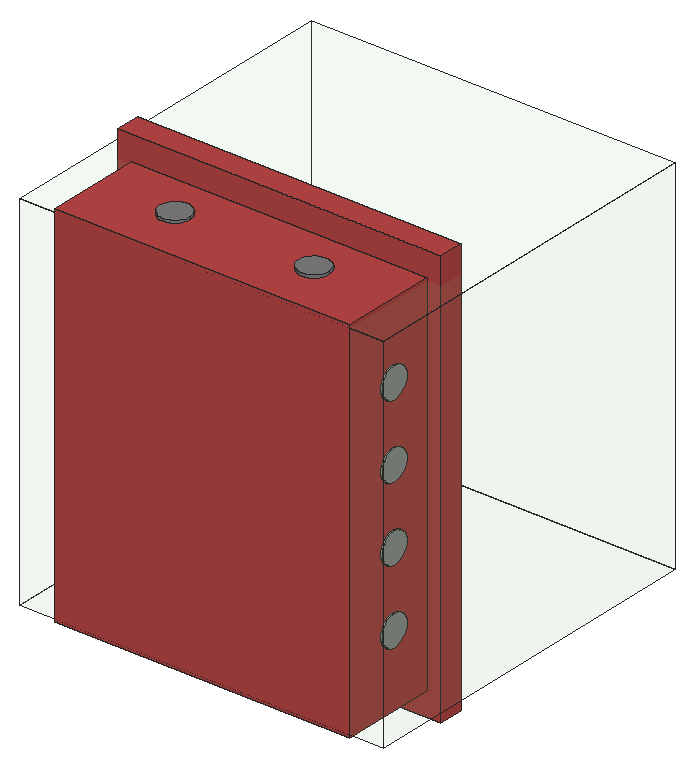
Revit family "ZETA_Коробка_Клемная_КЗНА-48_IP43", category Электрические приборы, Revit 2021
Family settings
  Сохранять ориентацию аннотаций = Нет
  Размер круглого соединителя = Использовать диаметр
  Тип детали = Нормальный
  На основе рабочей плоскости = Да
  Всегда вертикально = Нет
  При загрузке вырезать с полостями = Нет
  Общий = Нет
  Точка принадлежности помещению = Да
Parameters (values of type "КЗНА_48")
  УГО_Ширина = 10 mm
  УГО_Смещение_Х [instance] = 0 mm
  УГО_Смещение_Y [instance] = 0 mm
  УГО_Высота = 5 mm
  Температура эксплуатации = "от -40°С до +60°С"
  Сечение жил до = "4мм2"
  Сертификат = "RU C-RU.АД84.В.00192/20"
  Потолочное размещение [instance] = no
  Default Elevation = 1219.2 mm
  Описание = "Коробки клеммные соединительные КМ43 и КМ65 предназначены для\r\nсоединения и разветвления силовых электрических цепей и цепей КИПиА,\r\nвыполняемых контрольными и силовыми кабелями с алюминиевыми или медными\r\nжилами сечением 1,5-4мм2."
  Номинальный ток = "до 25A"
  Напряжение постоянного тока = "440 В"
  Напряжение переменного тока = "660 В"
  Крышка_Ширина = 160 mm
  Крышка_Длина = 190 mm
  Климатическое исполнение = "У3"
  Изготовитель = "АО «ЗЭТА»"  # constant formula
  Изготавливается по = "ТУ 27.33.13.120-047-99856433-2020"
  URL = "https://nzeta.ru/"
  D4 = 40 mm
  D3 = 20 mm
  D2 = 32 mm
  D1 = 25 mm
  В_УГО_Смещение_У [instance] = УГО_Смещение_Y + 2000 mm  # 2000 mm
  В_УГО_Смещение_X [instance] = УГО_Смещение_Х + 2000 mm  # 2000 mm
  ADSK_Ток = 0 A
  ADSK_Степень защиты_IP = "IP43"
  ADSK_Размер_Ширина = 266 mm
  ADSK_Размер_УголПоворота [instance] = if(Потолочное размещение, -90.00°, 180.00°)  # 180.00°
  ADSK_Размер_Длина = 345 mm
  ADSK_Размер_Высота = 107 mm
  ADSK_Примечание [instance] = ""
  ADSK_Полная мощность = 0 VA
  ADSK_Позиция [instance] = ""
  ADSK_Обозначение = "KK"
  ADSK_Номинальная мощность = 0 W
  ADSK_Номер стояка = ""
  ADSK_Номер линии = 0
  ADSK_Напряжение = 230 V
  ADSK_Наименование краткое = "КЗНА-48"
  ADSK_Наименование = "Коробка с зажимами наборными КЗНА-48 У3 IP43 ГОФРОМАТИК"
  ADSK_Материал наименование = "Сталь оцинкованная"
  ADSK_Масса_Текст = "5,67"
  ADSK_Масса = 5.67
  ADSK_Марка = "KK КЗНА-48 У3 IP43"
  ADSK_Коэффициент мощности = 1
  ADSK_Количество фаз числовое = 1
  ADSK_Количество фаз = 1
  ADSK_Количество = 1
  ADSK_Код изделия = "zeta30313"
  ADSK_Классификация нагрузок = Прочее
  ADSK_Завод-изготовитель = "АО «ЗЭТА»"  # constant formula
  ADSK_Единица измерения = "шт"  # constant formula
  ADSK_Версия семейства = "v.1"  # constant formula
  ADSK_Версия Revit = "2021"
  ADSK_URL страницы изделия = "https://nzeta.ru/catalog/?q=zeta30313"
  ADSK_URL документации изделия = "https://nzeta.ru/upload/uf/f5f/87u25il6p20an3n5qk18xire3ebw13ju/passport.pdf"
Types (2): name
  КЗНА_48
  КЗНА_48_IP43
Reference planes
  plane 1 "По центру (Вперед/Назад)": y = 0
  plane 2: z = 0
  plane 3 "По центру (Влево/Вправо)": x = 0
  plane 4: x = -2000
  plane 5: y = -2000
  plane 6: x = 0
  plane 7: y = 0
Lines and regions (mm)
  reference lines
    curve 1: line (0, 0, 0) -> (0, 0, -180)
    curve 2: line (0, 0, 0) -> (0, 140, 0)
Dimensions and locks
  "В_УГО_Смещение_X": plane 4 to plane 6
  "В_УГО_Смещение_У": plane 7 to plane 5
  angle curve 2 to curve 1 = 90.00°
  "ADSK_Размер_УголПоворота": angle plane 1 "По центру (Вперед/Назад)" to curve 1
  aligned and locked: level to plane 2
  aligned and locked: plane 6 to nested 1
  aligned and locked: nested 1 to plane 7
  aligned and locked: plane 2 to curve 2
  aligned and locked: plane 1 "По центру (Вперед/Назад)" to curve 1
  aligned and locked: nested 2 to curve 2
Nested families
  nested 1: "УГО_Клеменная_Коробка_(GenAnn)" at (0, 0, 0), УГО_Высота <- "УГО_Высота", УГО_Длина <- "УГО_Ширина", ADSK_Обозначение <- "ADSK_Обозначение", ADSK_Степень защиты_IP <- "ADSK_Степень защиты_IP", type "УГО_Клеменная_Коробка_(GenAnn)", detail levels coarse+medium
    with УГО_Длина 10 mm, УГО_Высота 5 mm, ADSK_Степень защиты_IP "IP43", ADSK_Обозначение "KK"
  nested 2: "ZETA_Коробка_Клемная_КЗНА-32_IP43_Геометрия" at (0, 0, 0) x (0, 0, -1) z (0, 1, 0), type "КЗНА-32", detail levels medium+fine
  nested 3: "Zeta_Зона обслуживания" at (0, 0, 0) x (-1, 0, 0) z (0, 0, -1), type "Зона обслуживания_Куб", detail levels medium+fine
    with Зона обслуживания_Ширина 300 mm, Зона обслуживания_Длина 300 mm, Зона обслуживания_Высота 300 mm
Connectors
  cabletrayconduit at (-123.595, 43.588, 91.442), diameter 32, driven by "D2"
    settings: on nested 2, index 2, connector width 300 mm, connector height 300 mm, connector angle 0.00°, system type 32, placement type 0, profile type 0, connector reference index -1, is primary connector yes, connector utility param no, connector description ""
  cabletrayconduit at (-123.595, 43.588, 30.481), diameter 32, driven by "D2"
    settings: on nested 2, index 3, connector width 300 mm, connector height 300 mm, connector angle 0.00°, system type 32, placement type 0, profile type 0, connector reference index -1, is primary connector no, connector utility param no, connector description ""
  cabletrayconduit at (-123.595, 43.588, -30.481), diameter 40, driven by "D4"
    settings: on nested 2, index 4, connector width 300 mm, connector height 300 mm, connector angle 0.00°, system type 32, placement type 0, profile type 0, connector reference index -1, is primary connector no, connector utility param no, connector description ""
  electrical at (0, 0, 0), driven by "ADSK_Количество фаз", driven by "ADSK_Классификация нагрузок", driven by "ADSK_Напряжение", driven by "ADSK_Полная мощность", driven by "ADSK_Коэффициент мощности"
    settings: on nested 2, index 5, voltage 230 V, apparent load 0 VA, apparent load phase1 0 VA, apparent load phase2 0 VA, apparent load phase3 0 VA, power factor 1, load classification "Прочее", number of poles 1, system type 30, power factor state 1, is connector primary yes, connector utility no, sub classification motor no, connector description ""
  cabletrayconduit at (123.524, 43.588, 91.442), diameter 25, driven by "D1"
    settings: on nested 2, index 7, connector width 300 mm, connector height 300 mm, connector angle 0.00°, system type 32, placement type 0, profile type 0, connector reference index -1, is primary connector no, connector utility param no, connector description ""
  cabletrayconduit at (123.524, 43.588, -91.442), diameter 25, driven by "D1"
    settings: on nested 2, index 8, connector width 300 mm, connector height 300 mm, connector angle 0.00°, system type 32, placement type 0, profile type 0, connector reference index -1, is primary connector no, connector utility param no, connector description ""
  cabletrayconduit at (123.524, 43.588, 30.481), diameter 25, driven by "D1"
    settings: on nested 2, index 9, connector width 300 mm, connector height 300 mm, connector angle 0.00°, system type 32, placement type 0, profile type 0, connector reference index -1, is primary connector no, connector utility param no, connector description ""
  cabletrayconduit at (-123.595, 43.588, -91.442), diameter 32, driven by "D2"
    settings: on nested 2, index 11, connector width 300 mm, connector height 300 mm, connector angle 0.00°, system type 32, placement type 0, profile type 0, connector reference index -1, is primary connector no, connector utility param no, connector description ""
  cabletrayconduit at (-57.269, 43.588, -154.404), diameter 25, driven by "D1"
    settings: on nested 2, index 12, connector width 300 mm, connector height 300 mm, connector angle 0.00°, system type 32, placement type 0, profile type 0, connector reference index -1, is primary connector no, connector utility param no, connector description ""
  cabletrayconduit at (57.269, 43.588, -154.404), diameter 25, driven by "D1"
    settings: on nested 2, index 13, connector width 300 mm, connector height 300 mm, connector angle 0.00°, system type 32, placement type 0, profile type 0, connector reference index -1, is primary connector no, connector utility param no, connector description ""
  cabletrayconduit at (123.524, 43.588, -30.481), diameter 25, driven by "D1"
    settings: on nested 2, index 14, connector width 300 mm, connector height 300 mm, connector angle 0.00°, system type 32, placement type 0, profile type 0, connector reference index -1, is primary connector no, connector utility param no, connector description ""
  cabletrayconduit at (57.269, 43.588, 154.404), diameter 25, driven by "D1"
    settings: on nested 2, index 15, connector width 300 mm, connector height 300 mm, connector angle 0.00°, system type 32, placement type 0, profile type 0, connector reference index -1, is primary connector no, connector utility param no, connector description ""
  cabletrayconduit at (-57.269, 43.588, 154.404), diameter 25, driven by "D1"
    settings: on nested 2, index 16, connector width 300 mm, connector height 300 mm, connector angle 0.00°, system type 32, placement type 0, profile type 0, connector reference index -1, is primary connector no, connector utility param no, connector description ""
Definition of nested family "ZETA_Коробка_Клемная_КЗНА-32_IP43_Геометрия"
  Parameters (values of type "КЗНА-32")
    Привязки_Штуцер = 177.786 mm
    Default Elevation = 1219.2 mm
    Основание_Ширина = ADSK_Размер_Ширина * 0.9142  # 243.177 mm
    Основание_Длина = ADSK_Размер_Длина * 0.8835  # 304.808 mm
    Manufacturer = "АО \"ЗЭТАРУС\""
    D4 = 40 mm
    D3 = 20 mm
    D2 = 32 mm
    D1 = 25 mm
    ADSK_Размер_Ширина = 266 mm
    ADSK_Размер_Длина = 345 mm
    ADSK_Размер_Высота = 107 mm
  Reference planes
    plane 1 "По центру (Вперед/Назад)": y = 0
    plane 2: z = 0
    plane 3 "По центру (Влево/Вправо)": x = 0
    plane 4: x = -152.404
    plane 5: x = 152.404
    plane 6: y = -121.589
    plane 7: y = 121.589
    plane 8: x = -172.5
    plane 9: y = -133
    plane 10: x = 172.5
    plane 11: y = 133
    plane 12: z = 107
    plane 13: z = 79.822
    plane 14: y = -57.269
    plane 15: y = 57.269
    plane 16: z = 43.588
    plane 17: y = -123.595
    plane 18: y = 123.524
    plane 19: x = -30.481
    plane 20: x = -91.442
    plane 21: x = 30.481
    plane 22: x = 91.442
    plane 23: x = 154.404
  Forms (mm)
    Extrusion 1, solid
      sketch origin (0, 0, 0) x (1, 0, 0) y (0, 1, 0)
        loop
          line (-152.404, 121.589) -> (-152.404, -121.589) -> (152.404, -121.589) -> (152.404, 121.589) -> (-152.404, 121.589)
      from 0 to 79.822
    Extrusion 2, solid
      sketch origin (0, 0, 0) x (1, 0, 0) y (0, 1, 0)
        loop
          line (-172.5, 133) -> (-172.5, -133) -> (172.5, -133) -> (172.5, 133) -> (-172.5, 133)
      from 100 to 79.822
    Extrusion 3, solid
      sketch origin (0, 0, 0) x (1, 0, 0) y (0, 0, 1)
        loop
          circle (-91.442, 43.588) r 16
      from 121.589 to 123.595
    Extrusion 4, solid
      sketch origin (43.5, 0, 0) x (1, 0, 0) y (0, 0, 1)
        loop
          circle (-73.981, 43.588) r 16
      from 123.595 to 121.589
    Extrusion 5, solid
      sketch origin (117, 0, 0) x (1, 0, 0) y (0, 0, 1)
        loop
          circle (-86.519, 43.588) r 20
      from 123.595 to 121.589
    Extrusion 6, solid
      sketch origin (85.899, 167.006, 14.478) x (1, 0, 0) y (0, 0, 1)
        loop
          circle (-116.38, 29.11) r 12.5
      from 43.482 to 45.417
    Extrusion 7, solid
      sketch origin (26.528, 167.006, 14.478) x (1, 0, 0) y (0, 0, 1)
        loop
          circle (-117.97, 29.11) r 12.5
      from 43.482 to 45.417
    Extrusion 8, solid
      sketch origin (142.642, 206.667, 14.478) x (1, 0, 0) y (0, 0, 1)
        loop
          circle (-112.162, 29.11) r 12.5
      from 85.079 to 83.144
    Extrusion 9, solid
      sketch origin (197.414, 210.537, 14.478) x (1, 0, 0) y (0, 0, 1)
        loop
          circle (-105.972, 29.11) r 12.5
      from 87.014 to 88.949
    Extrusion 10, solid
      sketch origin (177.962, 0, 0) x (1, 0, 0) y (0, 0, 1)
        loop
          circle (-86.519, 43.588) r 16
      from 123.595 to 121.589
    Extrusion 11, solid
      sketch origin (152.404, 121.589, 0) x (0, -1, 0) y (0, 0, -1)
        loop
          circle (178.857, -43.588) r 12.5
      from 0 to 2
    Extrusion 12, solid
      sketch origin (152.404, 236.126, 0) x (0, -1, 0) y (0, 0, -1)
        loop
          circle (178.857, -43.588) r 12.5
      from 0 to 2
    Extrusion 13, solid
      sketch origin (-154.404, 236.126, 0) x (0, -1, 0) y (0, 0, -1)
        loop
          circle (178.857, -43.588) r 12.5
      from 0 to 2
    Extrusion 14, solid
      sketch origin (-154.404, 121.589, 0) x (0, -1, 0) y (0, 0, -1)
        loop
          circle (178.857, -43.588) r 12.5
      from 0 to 2
  Dimensions and locks
    equal spacing: plane 4, plane 3 "По центру (Влево/Вправо)", plane 5
    equal spacing: plane 7, plane 1 "По центру (Вперед/Назад)", plane 6
    "Основание_Ширина": plane 7 to plane 6
    "Основание_Длина": plane 4 to plane 5
    equal spacing: plane 11, plane 1 "По центру (Вперед/Назад)", plane 9
    equal spacing: plane 8, plane 3 "По центру (Влево/Вправо)", plane 10
    "ADSK_Размер_Ширина": plane 11 to plane 9
    "ADSK_Размер_Длина": plane 8 to plane 10
    "ADSK_Размер_Высота": plane 12 to level
    locked: plane 6 to plane 17 at 2.006
    locked: plane 18 to plane 7 at 1.935
    equal spacing: plane 4, plane 20, plane 19, plane 21, plane 22, plane 5
    equal spacing: plane 15, plane 1 "По центру (Вперед/Назад)", plane 14
    plane 5 to plane 23 = 2 mm
    "D2": diameter of Extrusion 3 sketch curve
    "D2": diameter of Extrusion 4 sketch curve
    "D4": diameter of Extrusion 5 sketch curve
    "D1": diameter of Extrusion 6 sketch curve
    "D1": diameter of Extrusion 7 sketch curve
    "D1": diameter of Extrusion 8 sketch curve
    "D1": diameter of Extrusion 9 sketch curve
    "D2": diameter of Extrusion 10 sketch curve
    "D1": diameter of Extrusion 11 sketch curve
    "D1": diameter of Extrusion 12 sketch curve
    "D1": diameter of Extrusion 13 sketch curve
    "D1": diameter of Extrusion 14 sketch curve
    aligned and locked: level to plane 2
    aligned and locked: Extrusion 1 sketch curve to plane 7
    aligned and locked: plane 4 to Extrusion 1 sketch curve
    aligned and locked: plane 6 to Extrusion 1 sketch curve
    aligned and locked: Extrusion 1 sketch curve to plane 5
    aligned and locked: Extrusion 2 sketch curve to plane 11
    aligned and locked: plane 8 to Extrusion 2 sketch curve
    aligned and locked: plane 9 to Extrusion 2 sketch curve
    aligned and locked: Extrusion 2 sketch curve to plane 10
    aligned and locked: Extrusion 2 to plane 13
    aligned and locked: Extrusion 1 to Extrusion 2
    aligned and locked: plane 16 to Extrusion 3 sketch curve
    aligned and locked: plane 6 to Extrusion 3
    aligned and locked: Extrusion 3 to plane 17
    aligned and locked: plane 18 to Extrusion 6
    aligned and locked: Extrusion 6 to plane 7
    aligned and locked: Extrusion 4 to Extrusion 1
    aligned and locked: Extrusion 4 to plane 17
    aligned and locked: Extrusion 5 to Extrusion 1
    aligned and locked: Extrusion 5 to plane 17
    aligned and locked: plane 16 to Extrusion 5 sketch curve
    aligned and locked: plane 16 to Extrusion 6 sketch curve
    aligned and locked: plane 19 to Extrusion 6 sketch curve
    aligned and locked: plane 7 to Extrusion 7
    aligned and locked: plane 18 to Extrusion 7
    aligned and locked: Extrusion 9 to plane 7
    aligned and locked: plane 18 to Extrusion 9
    aligned and locked: plane 22 to Extrusion 9 sketch curve
    aligned and locked: plane 21 to Extrusion 8 sketch curve
    aligned and locked: plane 20 to Extrusion 7 sketch curve
    aligned and locked: plane 20 to Extrusion 3 sketch curve
    aligned and locked: plane 19 to Extrusion 4 sketch curve
    aligned and locked: plane 21 to Extrusion 5 sketch curve
    aligned and locked: plane 22 to Extrusion 10 sketch curve
    aligned and locked: plane 15 to Extrusion 12 sketch curve
    aligned and locked: plane 23 to Extrusion 12
    aligned and locked: plane 23 to Extrusion 11
  Automatic sketch dimensions
    Extrusion 4 sketch curve to plane 16 = 0 mm
    Extrusion 7 sketch curve to plane 16 = 0 mm
    Extrusion 8 sketch curve to plane 16 = 0 mm
    Extrusion 9 sketch curve to plane 16 = 0 mm
    Extrusion 10 sketch curve to plane 16 = 0 mm
    Extrusion 1 to Extrusion 11 sketch curve = 64.32 mm
    Extrusion 1 to Extrusion 11 sketch curve = 36.234 mm
    Extrusion 1 to Extrusion 12 sketch curve = 36.234 mm
    Extrusion 13 sketch curve to plane 15 = 0 mm
    Extrusion 13 sketch curve to plane 16 = 0 mm
    Extrusion 14 sketch curve to plane 14 = 0 mm
    Extrusion 14 sketch curve to plane 16 = 0 mm
Definition of nested family "Zeta_Зона обслуживания"
  Parameters (values of type "Зона обслуживания_Куб")
    Default Elevation = 1219.2 mm
    Зона обслуживания_Ширина [instance] = 300 mm
    Зона обслуживания_Длина [instance] = 300 mm
    Зона обслуживания_Высота [instance] = 300 mm
  Reference planes
    plane 1 "По центру (Вперед/Назад)": y = 0
    plane 2: z = 0
    plane 3 "По центру (Влево/Вправо)": x = 0
    plane 4: x = -150
    plane 5: x = 150
    plane 6: y = 300
    plane 7: z = 150
    plane 8: z = -150
  Forms (mm)
    Extrusion 1, solid
      sketch origin (0, 0, 0) x (1, 0, 0) y (0, 1, 0)
        loop
          line (-150, 300) -> (-150, 0) -> (150, 0) -> (150, 300) -> (-150, 300)
      from -150 to 150
  Dimensions and locks
    equal spacing: plane 4, plane 3 "По центру (Влево/Вправо)", plane 5
    "Зона обслуживания_Ширина": plane 6 to plane 1 "По центру (Вперед/Назад)"
    "Зона обслуживания_Длина": plane 4 to plane 5
    equal spacing: plane 7, level, plane 8
    "Зона обслуживания_Высота": plane 7 to plane 8
    aligned and locked: level to plane 2
    aligned and locked: Extrusion 1 sketch curve to plane 6
    aligned and locked: plane 4 to Extrusion 1 sketch curve
    aligned and locked: Extrusion 1 sketch curve to plane 5
    aligned and locked: Extrusion 1 to plane 8
    aligned and locked: plane 7 to Extrusion 1
    aligned and locked: plane 1 "По центру (Вперед/Назад)" to Extrusion 1
  Automatic sketch dimensions
    plane 1 "По центру (Вперед/Назад)" to Extrusion 1 sketch curve = 0 mm
Definition of nested family "УГО_Клеменная_Коробка_(GenAnn)"
  Parameters (values of type "УГО_Клеменная_Коробка_(GenAnn)")
    УГО_Длина [instance] = 10 mm
    УГО_Высота [instance] = 5 mm
    ADSK_Степень защиты_IP [instance] = ""
    ADSK_Обозначение [instance] = ""
  Reference planes
    plane 1: y = 0
    plane 2: x = 0
  Lines and regions (mm)
    Filled region 1, type "Filled region 1"
      outline origin (0, 0, 0) x (1, 0, 0) y (0, 1, 0)
        loop
          line (-5, 2.5) -> (-5, -2.5) -> (5, -2.5) -> (5, 2.5) -> (-5, 2.5)
    reference lines
      curve 1: line (-5, 2.5, 0) -> (-5, -2.5, 0)
      curve 2: line (-5, -2.5, 0) -> (5, -2.5, 0)
      curve 3: line (5, 2.5, 0) -> (5, -2.5, 0)
      curve 4: line (-5, 2.5, 0) -> (5, 2.5, 0)
  Text (mm)
    label "KK IP 54" at (0.033, -0.03, 0), shows "ADSK_Обозначение", "ADSK_Степень защиты_IP"
  Dimensions and locks
    equal spacing: curve 1, plane 2, curve 3
    equal spacing: curve 2, plane 1, curve 4
    "УГО_Длина": curve 1 to curve 3
    "УГО_Высота": curve 2 to curve 4
    aligned and locked: Filled region 1 sketch curve to curve 4
    aligned and locked: Filled region 1 sketch curve to curve 1
    aligned and locked: Filled region 1 sketch curve to curve 2
    aligned and locked: Filled region 1 sketch curve to curve 3
